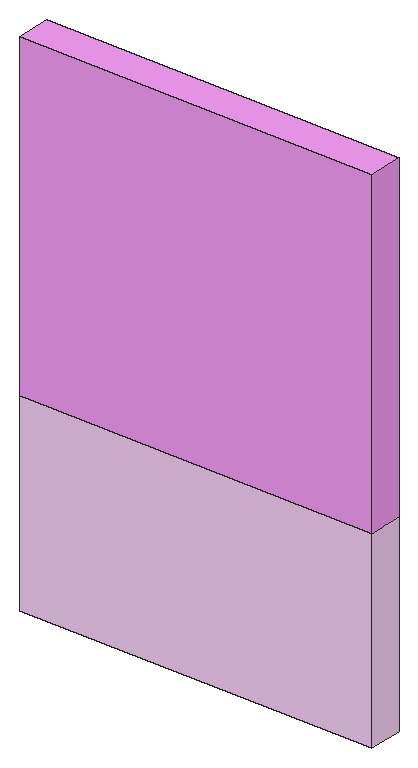
Revit family "EXP_WT-1D_CPan-004", category Curtain Panels, Revit 2021
Family settings
  OmniClass Number = 23.25.20.14.11.11.17
  OmniClass Title = Infill Panels
  Always vertical = Yes
  Cut with Voids When Loaded = No
  Shared = No
Parameters (values of type "H2 = 4'  10"")
  UI-UnitNumber [instance] = "001"
  UI-Quadrant [instance] = "SE"
  UI-ProjectAbbreviation = "NEU"
  UI-ItemCategory = "PID"
  UI-FloorNumber [instance] = "03"
  PNT-WallType = "WT1D"
  PNT-ProjectAbbreviation = "NEU"
  PNT-PanelType [instance] = "01"
  PNT-ItemCategory = "PNL"
  GlassH2 [instance] = IG-1F(Glass)
  GlassH1 [instance] = IG-3F(Glass)
  Define Thermal Properties by = Schematic Type
  CellSp = 0' - 10 3/16"
  CellL [instance] = 8' - 10"
  CellH2 = 4' - 10"
  CellH1 [instance] = CellH - CellH2  # 8' - 1"
  CellH [instance] = 12' - 11"
  Analytic Construction = "<None>"
Reference planes (in)
  plane 1 "Center (Front/Back)": y = 0
  plane 2: z = 0
  plane 3 "Center (Left/Right)": x = 0
  plane 4 "Left": x = -53
  plane 5 "Right": x = 53
  plane 6 "Top": z = 155
  plane 7: z = 58
  plane 8: y = -10.1875
Forms (in)
  Extrusion 1, solid, material "IG-1F(Glass)" <- "GlassH2"
    sketch origin (0, 0, 0) x (0, 1, 0) y (0, 0, 1)
      loop
        line (-10.1875, 58) -> (-10.1875, 0) -> (0, 0) -> (0, 58) -> (-10.1875, 58)
    from -53 to 53
  Extrusion 2, solid, material "IG-3F(Glass)" <- "GlassH1"
    sketch origin (0, 0, 0) x (0, 1, 0) y (0, 0, 1)
      loop
        line (-10.1875, 155) -> (-10.1875, 58) -> (0, 58) -> (0, 155) -> (-10.1875, 155)
    from -53 to 53
Text (in)
  text "Exterior" at (-92.59733, 55.75508, 0), in view "Ref. Level"
  text "Exterior" at (0, 90.18664, 173.49264), in view "Left"
  text "Exterior" at (0, 52.29083, 162.21847), in view "Right"
Dimensions and locks (in)
  equal spacing: plane 4 "Left", plane 3 "Center (Left/Right)", plane 5 "Right"  (x2)
  "CellH2": plane 2 to plane 7
  "CellH1": plane 7 to plane 6 "Top"
  Extrusion 2 sketch curve to Extrusion 2 sketch curve = 0' - 10 3/16"
  "CellL": plane 4 "Left" to plane 5 "Right"
  "CellH": plane 2 to plane 6 "Top"
  "CellSp": plane 8 to plane 1 "Center (Front/Back)"
  aligned and locked: level to plane 2
  aligned and locked: Extrusion 1 sketch curve to plane 7
  aligned and locked: plane 8 to Extrusion 1 sketch curve
  aligned and locked: level to Extrusion 1 sketch curve
  aligned and locked: plane 1 "Center (Front/Back)" to Extrusion 1 sketch curve
  aligned and locked: plane 4 "Left" to Extrusion 1
  aligned and locked: Extrusion 1 to plane 5 "Right"
  aligned and locked: plane 6 "Top" to Extrusion 2 sketch curve
  aligned and locked: plane 8 to Extrusion 2 sketch curve
  aligned and locked: Extrusion 2 to plane 5 "Right"
  aligned and locked: plane 4 "Left" to Extrusion 2
  aligned and locked: Extrusion 2 to plane 1 "Center (Front/Back)"
  aligned and locked: nested 1 to Extrusion 1  (x2)
  aligned and locked: nested 1 to plane 5 "Right"
  aligned and locked: nested 2 to Extrusion 2  (x2)
  aligned and locked: nested 2 to level
  aligned and locked: plane 1 "Center (Front/Back)" to nested 3
  aligned and locked: plane 5 "Right" to nested 3
  aligned and locked: plane 4 "Left" to nested 3
  aligned and locked: Extrusion 2 to plane 6 "Top"
  aligned and locked: Extrusion 1 to level
Automatic sketch dimensions
  Extrusion 2 sketch curve to plane 7 = 0' - 0"
Nested families (in)
  nested 1: "EXP_WT-1A_DetO-001" at (-53, 0, 0), type "EXP_WT-1A_DetO-001"
    with built-in parameter 1001306 8.8333 (stored number, unit not read)
  nested 2: "EXP_WT-1A_DetO-003" at (0, 0, 155) x (0, 0, -1) z (1, 0, 0), CellH1 <- "CellH1", CellH2 <- "CellH2", type "EXP_WT-1A_DetO-003"
    with built-in parameter 1001306 12.917 (stored number, unit not read), CellH2 4' - 10", CellH1 8' - 1"
  nested 3: "EXP_xx_DetO-002" at (0, 0, 0), CellH <- "CellH", CellL <- "CellL", type "EXP_xx_DetO-002", detail levels coarse
    with CellL 8' - 10", CellH 12' - 11"
Definition of nested family "EXP_WT-1A_DetO-001"
  Parameters (values of type "EXP_WT-1A_DetO-001")
    built-in parameter 1001306 [instance] = 5' - 2.99213"
  Reference planes (in)
    plane 1 "Center (Front/Back)": y = 0
    plane 2: z = 0
    plane 3 "Left": x = 0
    plane 4 "Right": x = 62.99213
  Lines and regions (in)
    reference lines, in view "Ref. Level"
      curve 1: line (0, 0, 0) -> (62.99213, 0, 0)
    detail lines, in view "Ref. Level"
      curve 2: line (0.25, 0, 0) -> (0.5458, 0, 0)
      curve 3: line (0.25, 0, 0) -> (0.5458, 0, 0)
      curve 4: line (62.99213, -0.81795, 0) -> (62.99213, -10.1875, 0)
      curve 5: line (62.99213, -10.1875, 0) -> (60.99213, -10.1875, 0)
      curve 6: line (60.99213, -10.1875, 0) -> (60.99213, -2.43678, 0)
      curve 7: line (60.99213, -2.43678, 0) -> (62.44632, -2.43678, 0)
      curve 8: line (62.44632, -2.43678, 0) -> (62.44632, 0, 0)
      curve 9: line (62.44632, 0, 0) -> (62.74213, 0, 0)
      curve 10: line (62.74213, 0, 0) -> (62.74213, -0.81795, 0)
      curve 11: line (62.99213, -0.81795, 0) -> (62.74213, -0.81795, 0)
      curve 12: line (0.25, 0, 0) -> (0.25, -0.81795, 0)
      curve 13: line (0.25, 0, 0) -> (0.5458, 0, 0)
      curve 14: line (0, -0.81795, 0) -> (0.25, -0.81795, 0)
      curve 15: line (0, -0.81795, 0) -> (0, -10.1875, 0)
      curve 16: line (2, -10.1875, 0) -> (0, -10.1875, 0)
      curve 17: line (2, -2.43676, 0) -> (2, -10.1875, 0)
      curve 18: line (0.5458, -2.43676, 0) -> (2, -2.43676, 0)
      curve 19: line (0.5458, -2.43676, 0) -> (0.5458, 0, 0)
      curve 20: line (0.94241, 0, 0) -> (62.04971, 0, 0)
      curve 21: line (0.94241, -1.31, 0) -> (0.94241, 0, 0)
      curve 22: line (0.94241, -1.31, 0) -> (62.04971, -1.31, 0)
      curve 23: line (62.04971, -1.31, 0) -> (62.04971, 0, 0)
  Dimensions and locks (in)
    "built-in parameter 1001306": plane 3 "Left" to plane 4 "Right"
    aligned and locked: plane 1 "Center (Front/Back)" to curve 1
    aligned and locked: plane 3 "Left" to curve 1
    aligned and locked: plane 4 "Right" to curve 1
    aligned and locked: curve 4 to plane 4 "Right"
    aligned and locked: curve 1 to curve 13
    aligned and locked: curve 15 to plane 3 "Left"
    aligned and locked: curve 1 to curve 20
    aligned and locked: curve 5 to curve 16
  Automatic sketch dimensions
    plane 1 "Center (Front/Back)" to curve 9 = 0' - 0"
    curve 2 to curve 2 = 0' - 0.2958"
    curve 7 to plane 4 "Right" = 0' - 2"
    curve 9 to plane 4 "Right" = 0' - 0.5458"
    curve 10 to curve 4 = 0' - 0 1/4"
    plane 1 "Center (Front/Back)" to curve 4 = 0' - 0.81795"
    curve 7 to curve 10 = 0' - 1.61883"
    curve 5 to curve 7 = 0' - 7.75072"
    plane 1 "Center (Front/Back)" to curve 15 = 0' - 0.81795"
    plane 3 "Left" to curve 16 = 0' - 2"
    curve 17 to curve 12 = 0' - 1.61881"
    plane 3 "Left" to curve 20 = 0' - 0.94241"
    curve 23 to curve 10 = 0' - 0.69242"
    curve 23 to curve 10 = 0' - 0.49205"
    plane 3 "Left" to curve 14 = 0' - 0 1/4"
Definition of nested family "EXP_WT-1A_DetO-003"
  Parameters (values of type "EXP_WT-1A_DetO-003")
    built-in parameter 1001306 [instance] = 12' - 11"
    CellH2 [instance] = 9' - 8"
    CellH1 [instance] = 3' - 3"
    CellH [instance] = 12' - 11"
  Reference planes (in)
    plane 1 "Center (Front/Back)": y = 0
    plane 2: z = 0
    plane 3 "Left": x = 0
    plane 4 "Right": x = 155
    plane 5: x = 39
  Lines and regions (in)
    reference lines, in view "Ref. Level"
      curve 1: line (0, 0, 0) -> (155, 0, 0)
    detail lines, in view "Ref. Level"
      curve 2: line (37.25001, -10.1875, 0) -> (37.25001, -2.41263, 0)
      curve 3: line (37.25001, -2.41263, 0) -> (40.74999, -2.41263, 0)
      curve 4: line (40.74999, -2.41263, 0) -> (40.74999, -10.1875, 0)
      curve 5: line (40.74999, -10.1875, 0) -> (37.25001, -10.1875, 0)
      curve 6: line (39.27639, -2.185, 0) -> (39.27639, 0, 0)
      curve 7: line (39.27639, 0, 0) -> (153.80789, 0, 0)
      curve 8: line (153.80789, -2.185, 0) -> (39.27639, -2.185, 0)
      curve 9: line (38.52639, -1.31, 0) -> (38.52639, 0, 0)
      curve 10: line (38.52639, 0, 0) -> (1.19241, 0, 0)
      curve 11: line (38.52639, -1.31, 0) -> (1.19241, -1.31, 0)
      curve 12: line (0, -10.1875, 0) -> (2.125, -10.1875, 0)
      curve 13: line (0, -0.81812, 0) -> (0, -10.1875, 0)
      curve 14: line (0.5, 0, 0) -> (0.5, -0.81812, 0)
      curve 15: line (0.5, 0, 0) -> (0.7958, 0, 0)
      curve 16: line (0, -0.81812, 0) -> (0.5, -0.81812, 0)
      curve 17: line (0.7958, -2.43676, 0) -> (0.7958, 0, 0)
      curve 18: line (2.125, -2.43676, 0) -> (0.7958, -2.43676, 0)
      curve 19: line (2.125, -10.1875, 0) -> (2.125, -2.43676, 0)
      curve 20: line (1.19241, -1.31, 0) -> (1.19241, 0, 0)
      curve 21: line (155, 60, 0) -> (155, -10.1875, 0)
      curve 22: line (155, -10.1875, 0) -> (151.625, -10.1875, 0)
      curve 23: line (151.625, -10.1875, 0) -> (151.625, -2.43679, 0)
      curve 24: line (151.625, -2.43679, 0) -> (154.2042, -2.43679, 0)
      curve 25: line (154.2042, -2.43679, 0) -> (154.2042, 0, 0)
      curve 26: line (154.5, 0, 0) -> (154.5, -0.81812, 0)
      curve 27: line (154.2042, 0, 0) -> (154.5, 0, 0)
      curve 28: line (155, -0.81812, 0) -> (154.5, -0.81812, 0)
      curve 29: line (155, -0.81812, 0) -> (155, -10.1875, 0)
      curve 30: line (153.80789, -2.185, 0) -> (153.80789, 0, 0)
  Dimensions and locks (in)
    "built-in parameter 1001306": plane 3 "Left" to plane 4 "Right"
    "CellH": plane 3 "Left" to plane 4 "Right"
    "CellH2": plane 5 to plane 4 "Right"
    "CellH1": plane 3 "Left" to plane 5
    aligned and locked: plane 1 "Center (Front/Back)" to curve 1
    aligned and locked: plane 3 "Left" to curve 1
    aligned and locked: plane 4 "Right" to curve 1
    aligned and locked: curve 1 to curve 7
    aligned and locked: curve 10 to plane 1 "Center (Front/Back)"
    aligned and locked: curve 13 to plane 3 "Left"
    aligned and locked: curve 1 to curve 15
    aligned and locked: curve 21 to plane 4 "Right"
    aligned and locked: curve 29 to plane 4 "Right"
    aligned and locked: curve 5 to curve 12
    aligned and locked: curve 22 to curve 5
  Automatic sketch dimensions
    plane 5 to curve 3 = 0' - 1 3/4"
    plane 1 "Center (Front/Back)" to curve 3 = 0' - 2.41263"
    curve 5 to plane 5 = 0' - 1 3/4"
    plane 5 to curve 6 = 0' - 0.27639"
    curve 6 to curve 6 = 0' - 2.185"
    curve 9 to plane 5 = 0' - 0.47361"
    plane 1 "Center (Front/Back)" to curve 13 = 0' - 0.81812"
    plane 3 "Left" to curve 14 = 0' - 0 1/2"
    curve 14 to curve 17 = 0' - 0.2958"
    curve 17 to curve 18 = 0' - 1.3292"
    curve 18 to curve 14 = 0' - 1.61864"
    curve 14 to curve 20 = 0' - 0.69242"
    curve 20 to curve 14 = 0' - 0.49188"
    curve 21 to plane 1 "Center (Front/Back)" = 5' - 0"
    curve 24 to curve 24 = 0' - 2.5792"
    plane 1 "Center (Front/Back)" to curve 27 = 0' - 0"
    curve 25 to curve 26 = 0' - 0.2958"
    curve 28 to curve 28 = 0' - 0 1/2"
    curve 30 to curve 24 = 0' - 0.39631"
    curve 24 to curve 30 = 0' - 0.25179"
    plane 1 "Center (Front/Back)" to curve 26 = 0' - 0.81812"
    curve 22 to curve 24 = 0' - 7.75071"
Definition of nested family "EXP_xx_DetO-002"
  Parameters (values of type "EXP_xx_DetO-002")
    Default Elevation = 0' - 0"
    CellL [instance] = 5' - 4.56693"
    CellH [instance] = 5' - 2.99213"
  Reference planes (in)
    plane 1 "Center (Front/Back)": y = 0
    plane 2: z = 0
    plane 3 "Center (Left/Right)": x = 0
    plane 4: x = -32.28346
    plane 5: x = 32.28346
    plane 6: z = 62.99213
  Lines and regions (in)
    model lines
      curve 1: line (-32.28346, 0, 62.99213) -> (32.28346, 0, 0)
      curve 2: line (32.28346, 0, 62.99213) -> (-32.28346, 0, 0)
  Dimensions and locks (in)
    "CellH": plane 6 to level
    equal spacing: plane 4, plane 3 "Center (Left/Right)", plane 5
    "CellL": plane 4 to plane 5
    aligned and locked: level to plane 2
  Automatic sketch dimensions
    curve 2 to level = 0' - 0"
    plane 4 to curve 2 = 0' - 0"
    plane 4 to curve 1 = 0' - 0"
    plane 5 to curve 2 = 0' - 0"
    curve 1 to level = 0' - 0"
    plane 5 to curve 1 = 0' - 0"
    curve 2 to plane 6 = 0' - 0"
    curve 1 to plane 6 = 0' - 0"
